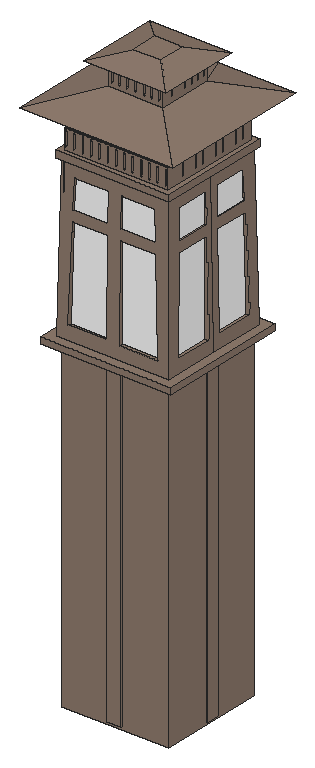
Revit family "BL0761", category Generic Models, Revit 2014
Parameters
  TOP CAP = Bronze, Architectural
  LENS = Acrylic
  LANTERN = Bronze, Architectural
  BODY = Bronze, Architectural
Reference planes (in)
  plane 1 "Center (Front/Back)": y = 0
  plane 2: z = 0
  plane 3 "Center (Left/Right)": x = 0
Forms (in)
  Extrusion 1, solid, material "Bronze, Architectural" <- "BODY"
    sketch origin (0, 0, 0) x (1, 0, 0) y (0, 0, 1)
      loop
        line (4, 24.51151) -> (-4, 24.51151) -> (-4, 0) -> (4, 0) -> (4, 24.51151)
    from -4 to 4
  Extrusion 2, solid, material "Bronze, Architectural" <- "BODY"
    sketch origin (0, 0, 0) x (1, 0, 0) y (0, 0, 1)
      loop
        line (4, 0.24571) -> (4.125, 0.24571) -> (4.125, 24.51151) -> (4, 24.51151) -> (4, 0.24571)
      loop
        line (-4, 24.51151) -> (-4.125, 24.51151) -> (-4.125, 0.24571) -> (-4, 0.24571) -> (-4, 24.51151)
    from -0.5 to 0.5
  Extrusion 3, solid, material "Bronze, Architectural" <- "BODY"
    sketch origin (0, 0, 0) x (0, -1, 0) y (0, 0, 1)
      loop
        line (4, 0.24571) -> (4.125, 0.24571) -> (4.125, 24.51151) -> (4, 24.51151) -> (4, 0.24571)
      loop
        line (-4, 24.51151) -> (-4.125, 24.51151) -> (-4.125, 0.24571) -> (-4, 0.24571) -> (-4, 24.51151)
    from -0.5 to 0.5
  Extrusion 4, solid, material "Bronze, Architectural" <- "LANTERN"
    sketch origin (0, 0, 0) x (1, 0, 0) y (0, 0, 1)
      loop
        line (4.87001, 25.01151) -> (-4.87101, 25.01151) -> (-4.87101, 24.51151) -> (4.87001, 24.51151) -> (4.87001, 25.01151)
    from -4.875 to 4.875
  SweptBlend 5, solid, material "Bronze, Architectural" <- "LANTERN"
    path origin (0, 0, 0) x (1, 0, 0) y (0, 0, 1)
      loop
        line (0, 37.01151) -> (0, 25.01151)
    profile origin (0, 0, 37.01151) x (0, -1, 0) y (1, 0, 0)
      loop
        line (0, 4) -> (-4, 4) -> (-4, -4) -> (4, -4) -> (4, 4) -> (0, 4)
    end profile origin (0, 0, 25.01151) x (0, -1, 0) y (1, 0, 0)
      loop
        line (0, 4.21875) -> (-4.21875, 4.21875) -> (-4.21875, -4.21875) -> (4.21875, -4.21875) -> (4.21875, 4.21875) -> (0, 4.21875)
  Extrusion 6, solid, material "Bronze, Architectural" <- "LANTERN"
    sketch origin (0, 0, 0) x (1, 0, 0) y (0, 0, 1)
      loop
        line (4.25, 37.01151) -> (4.25, 37.51151) -> (-4.25, 37.51151) -> (-4.25, 37.01151) -> (4.25, 37.01151)
    from -4.25 to 4.25
  Extrusion 7, solid, material "Bronze, Architectural" <- "TOP CAP"
    sketch origin (0, 0, 0) x (1, 0, 0) y (0, 0, 1)
      loop
        line (3.875, 37.51151) -> (3.875, 39.01151) -> (-3.875, 39.01151) -> (-3.875, 37.51151) -> (3.875, 37.51151)
    from -3.875 to 3.875
  Extrusion 8, solid, material "Bronze, Architectural" <- "TOP CAP"
    sketch origin (0, 0, 0) x (1, 0, 0) y (0, 0, 1)
      loop
        line (3.825, 39.01151) -> (3.825, 40.51151) -> (-3.825, 40.51151) -> (-3.825, 39.01151) -> (3.825, 39.01151)
    from -3.8125 to 3.8125
  Extrusion 9, solid, material "Bronze, Architectural" <- "TOP CAP"
    sketch origin (0, 0, 0) x (1, 0, 0) y (0, 0, 1)
      loop
        line (2.04406, 41.62825) -> (2.04406, 43.45456) -> (-2.04406, 43.45456) -> (-2.04406, 41.62825) -> (2.04406, 41.62825)
    from -2.04688 to 2.04687
  SweptBlend 10, solid, material "Bronze, Architectural" <- "TOP CAP"
    path origin (0, 0, 0) x (1, 0, 0) y (0, 0, 1)
      loop
        line (0, 40.51151) -> (0, 41.62825)
    profile origin (0, 0, 40.51151) x (-1, 0, 0) y (0, -1, 0)
      loop
        line (0, -5.75) -> (5.75, -5.75) -> (5.75, 5.75) -> (-5.75, 5.75) -> (-5.75, -5.75) -> (0, -5.75)
    end profile origin (0, 0, 41.62825) x (-1, 0, 0) y (0, -1, 0)
      loop
        line (2.04406, 2.04687) -> (-2.04406, 2.04687) -> (-2.04406, -2.04688) -> (2.04406, -2.04688) -> (2.04406, 2.04687)
  SweptBlend 11, solid, material "Bronze, Architectural" <- "TOP CAP"
    path origin (0, 0, 0) x (1, 0, 0) y (0, 0, 1)
      loop
        line (0, 44.02483) -> (0, 43.45456)
    profile origin (0, 0, 44.02483) x (0, -1, 0) y (1, 0, 0)
      loop
        line (-1.04688, 1.04688) -> (-1.04687, -1.04773) -> (1.04688, -1.04773) -> (1.04688, 1.04688) -> (-1.04688, 1.04688)
    end profile origin (0, 0, 43.45456) x (0, -1, 0) y (1, 0, 0)
      loop
        line (3.08532, 3.08532) -> (-3.08532, 3.08532) -> (-3.08532, -3.08532) -> (3.08532, -3.08532) -> (3.08532, 3.08532)
  Extrusion 12, void
    sketch origin (0, 0, 0) x (1, 0, 0) y (0, 0, 1)
      loop
        line (3.00156, 36.01151) -> (0.5, 36.01151) -> (0.5, 33.77947) -> (3.11295, 33.77947) -> (3.00156, 36.01151)
      loop
        line (-0.5, 33.77947) -> (-0.5, 36.01151) -> (-3.00156, 36.01151) -> (-3.11295, 33.77947) -> (-0.5, 33.77947)
      loop
        line (-0.5, 33.02947) -> (-3.14096, 33.02947) -> (-3.37509, 26.01151) -> (-0.5, 26.01151) -> (-0.5, 33.02947)
      loop
        line (0.5, 33.02947) -> (0.5, 26.01151) -> (3.37509, 26.01151) -> (3.14096, 33.02947) -> (0.5, 33.02947)
    from 3.8125 to 4.875
  Extrusion 13, void
    sketch origin (0, 0, 0) x (1, 0, 0) y (0, 0, 1)
      loop
        line (3.875, 25.01151) -> (3.875, 37.01151) -> (-3.875, 37.01151) -> (-3.875, 25.01151) -> (3.875, 25.01151)
    from -3.875 to 4
  Extrusion 14, void
    sketch origin (0, 0, 0) x (0, -1, 0) y (0, 0, 1)
      loop
        line (3.00156, 36.01151) -> (0.5, 36.01151) -> (0.5, 33.77947) -> (3.11295, 33.77947) -> (3.00156, 36.01151)
      loop
        line (-0.5, 33.77947) -> (-0.5, 36.01151) -> (-3.00156, 36.01151) -> (-3.11295, 33.77947) -> (-0.5, 33.77947)
      loop
        line (-0.5, 33.02947) -> (-3.14096, 33.02947) -> (-3.37509, 26.01151) -> (-0.5, 26.01151) -> (-0.5, 33.02947)
      loop
        line (0.5, 33.02947) -> (0.5, 26.01151) -> (3.37509, 26.01151) -> (3.14096, 33.02947) -> (0.5, 33.02947)
    from 3.8125 to 4.875
  Extrusion 15, void
    sketch origin (0, 0, 0) x (-1, 0, 0) y (0, 0, 1)
      loop
        line (3.00156, 36.01151) -> (0.5, 36.01151) -> (0.5, 33.77947) -> (3.11295, 33.77947) -> (3.00156, 36.01151)
      loop
        line (-0.5, 33.77947) -> (-0.5, 36.01151) -> (-3.00156, 36.01151) -> (-3.11295, 33.77947) -> (-0.5, 33.77947)
      loop
        line (-0.5, 33.02947) -> (-3.14096, 33.02947) -> (-3.37509, 26.01151) -> (-0.5, 26.01151) -> (-0.5, 33.02947)
      loop
        line (0.5, 33.02947) -> (0.5, 26.01151) -> (3.37509, 26.01151) -> (3.14096, 33.02947) -> (0.5, 33.02947)
    from 3.8125 to 4.875
  Extrusion 16, void
    sketch origin (0, 0, 0) x (0, 1, 0) y (0, 0, 1)
      loop
        line (3.00156, 36.01151) -> (0.5, 36.01151) -> (0.5, 33.77947) -> (3.11295, 33.77947) -> (3.00156, 36.01151)
      loop
        line (-0.5, 33.77947) -> (-0.5, 36.01151) -> (-3.00156, 36.01151) -> (-3.11295, 33.77947) -> (-0.5, 33.77947)
      loop
        line (-0.5, 33.02947) -> (-3.14096, 33.02947) -> (-3.37509, 26.01151) -> (-0.5, 26.01151) -> (-0.5, 33.02947)
      loop
        line (0.5, 33.02947) -> (0.5, 26.01151) -> (3.37509, 26.01151) -> (3.14096, 33.02947) -> (0.5, 33.02947)
    from 3.8125 to 4.875
  Extrusion 17, void
    sketch origin (0, 0, 0) x (1, 0, 0) y (0, 0, 1)
      loop
        arc (0.07031, 38.79958) -> (-0.00028, 38.86953) -> (-0.07031, 38.79902) r 0.07031
        line (-0.07031, 38.79902) -> (-0.07031, 37.81484)
        arc (-0.07031, 37.81484) -> (0, 37.74453) -> (0.07031, 37.81484) r 0.07031
        line (0.07031, 37.81484) -> (0.07031, 38.79958)
      loop
        arc (0.69531, 38.79958) -> (0.62472, 38.86953) -> (0.55469, 38.79902) r 0.07031
        line (0.55469, 38.79902) -> (0.55469, 37.81484)
        arc (0.55469, 37.81484) -> (0.625, 37.74453) -> (0.69531, 37.81484) r 0.07031
        line (0.69531, 37.81484) -> (0.69531, 38.79958)
      loop
        arc (1.32031, 38.79958) -> (1.24972, 38.86953) -> (1.17969, 38.79902) r 0.07031
        line (1.17969, 38.79902) -> (1.17969, 37.81484)
        arc (1.17969, 37.81484) -> (1.25, 37.74453) -> (1.32031, 37.81484) r 0.07031
        line (1.32031, 37.81484) -> (1.32031, 38.79958)
      loop
        arc (1.94531, 38.79958) -> (1.87472, 38.86953) -> (1.80469, 38.79902) r 0.07031
        line (1.80469, 38.79902) -> (1.80469, 37.81484)
        arc (1.80469, 37.81484) -> (1.875, 37.74453) -> (1.94531, 37.81484) r 0.07031
        line (1.94531, 37.81484) -> (1.94531, 38.79958)
      loop
        arc (2.57031, 38.79958) -> (2.49972, 38.86953) -> (2.42969, 38.79902) r 0.07031
        line (2.42969, 38.79902) -> (2.42969, 37.81484)
        arc (2.42969, 37.81484) -> (2.5, 37.74453) -> (2.57031, 37.81484) r 0.07031
        line (2.57031, 37.81484) -> (2.57031, 38.79958)
      loop
        arc (3.19531, 38.79958) -> (3.12472, 38.86953) -> (3.05469, 38.79902) r 0.07031
        line (3.05469, 38.79902) -> (3.05469, 37.81484)
        arc (3.05469, 37.81484) -> (3.125, 37.74453) -> (3.19531, 37.81484) r 0.07031
        line (3.19531, 37.81484) -> (3.19531, 38.79958)
      loop
        arc (3.82031, 38.79958) -> (3.74972, 38.86953) -> (3.67969, 38.79902) r 0.07031
        line (3.67969, 38.79902) -> (3.67969, 37.81484)
        arc (3.67969, 37.81484) -> (3.75, 37.74453) -> (3.82031, 37.81484) r 0.07031
        line (3.82031, 37.81484) -> (3.82031, 38.79958)
      loop
        arc (-0.55469, 38.79958) -> (-0.62528, 38.86953) -> (-0.69531, 38.79902) r 0.07031
        line (-0.69531, 38.79902) -> (-0.69531, 37.81484)
        arc (-0.69531, 37.81484) -> (-0.625, 37.74453) -> (-0.55469, 37.81484) r 0.07031
        line (-0.55469, 37.81484) -> (-0.55469, 38.79958)
      loop
        arc (-1.17969, 38.79958) -> (-1.25028, 38.86953) -> (-1.32031, 38.79902) r 0.07031
        line (-1.32031, 38.79902) -> (-1.32031, 37.81484)
        arc (-1.32031, 37.81484) -> (-1.25, 37.74453) -> (-1.17969, 37.81484) r 0.07031
        line (-1.17969, 37.81484) -> (-1.17969, 38.79958)
      loop
        arc (-1.80469, 38.79958) -> (-1.87528, 38.86953) -> (-1.94531, 38.79902) r 0.07031
        line (-1.94531, 38.79902) -> (-1.94531, 37.81484)
        arc (-1.94531, 37.81484) -> (-1.875, 37.74453) -> (-1.80469, 37.81484) r 0.07031
        line (-1.80469, 37.81484) -> (-1.80469, 38.79958)
      loop
        arc (-2.42969, 38.79958) -> (-2.50028, 38.86953) -> (-2.57031, 38.79902) r 0.07031
        line (-2.57031, 38.79902) -> (-2.57031, 37.81484)
        arc (-2.57031, 37.81484) -> (-2.5, 37.74453) -> (-2.42969, 37.81484) r 0.07031
        line (-2.42969, 37.81484) -> (-2.42969, 38.79958)
      loop
        arc (-3.05469, 38.79958) -> (-3.12528, 38.86953) -> (-3.19531, 38.79902) r 0.07031
        line (-3.19531, 38.79902) -> (-3.19531, 37.81484)
        arc (-3.19531, 37.81484) -> (-3.125, 37.74453) -> (-3.05469, 37.81484) r 0.07031
        line (-3.05469, 37.81484) -> (-3.05469, 38.79958)
      loop
        arc (-3.67969, 38.79958) -> (-3.75028, 38.86953) -> (-3.82031, 38.79902) r 0.07031
        line (-3.82031, 38.79902) -> (-3.82031, 37.81484)
        arc (-3.82031, 37.81484) -> (-3.75, 37.74453) -> (-3.67969, 37.81484) r 0.07031
        line (-3.67969, 37.81484) -> (-3.67969, 38.79958)
    from 3.8125 to 4.25
  Extrusion 18, void
    sketch origin (0, 0, 0) x (0, -1, 0) y (0, 0, 1)
      loop
        arc (0.07031, 38.79958) -> (-0.00028, 38.86953) -> (-0.07031, 38.79902) r 0.07031
        line (-0.07031, 38.79902) -> (-0.07031, 37.81484)
        arc (-0.07031, 37.81484) -> (0, 37.74453) -> (0.07031, 37.81484) r 0.07031
        line (0.07031, 37.81484) -> (0.07031, 38.79958)
      loop
        arc (0.69531, 38.79958) -> (0.62472, 38.86953) -> (0.55469, 38.79902) r 0.07031
        line (0.55469, 38.79902) -> (0.55469, 37.81484)
        arc (0.55469, 37.81484) -> (0.625, 37.74453) -> (0.69531, 37.81484) r 0.07031
        line (0.69531, 37.81484) -> (0.69531, 38.79958)
      loop
        arc (1.32031, 38.79958) -> (1.24972, 38.86953) -> (1.17969, 38.79902) r 0.07031
        line (1.17969, 38.79902) -> (1.17969, 37.81484)
        arc (1.17969, 37.81484) -> (1.25, 37.74453) -> (1.32031, 37.81484) r 0.07031
        line (1.32031, 37.81484) -> (1.32031, 38.79958)
      loop
        arc (1.94531, 38.79958) -> (1.87472, 38.86953) -> (1.80469, 38.79902) r 0.07031
        line (1.80469, 38.79902) -> (1.80469, 37.81484)
        arc (1.80469, 37.81484) -> (1.875, 37.74453) -> (1.94531, 37.81484) r 0.07031
        line (1.94531, 37.81484) -> (1.94531, 38.79958)
      loop
        arc (2.57031, 38.79958) -> (2.49972, 38.86953) -> (2.42969, 38.79902) r 0.07031
        line (2.42969, 38.79902) -> (2.42969, 37.81484)
        arc (2.42969, 37.81484) -> (2.5, 37.74453) -> (2.57031, 37.81484) r 0.07031
        line (2.57031, 37.81484) -> (2.57031, 38.79958)
      loop
        arc (3.19531, 38.79958) -> (3.12472, 38.86953) -> (3.05469, 38.79902) r 0.07031
        line (3.05469, 38.79902) -> (3.05469, 37.81484)
        arc (3.05469, 37.81484) -> (3.125, 37.74453) -> (3.19531, 37.81484) r 0.07031
        line (3.19531, 37.81484) -> (3.19531, 38.79958)
      loop
        arc (3.82031, 38.79958) -> (3.74972, 38.86953) -> (3.67969, 38.79902) r 0.07031
        line (3.67969, 38.79902) -> (3.67969, 37.81484)
        arc (3.67969, 37.81484) -> (3.75, 37.74453) -> (3.82031, 37.81484) r 0.07031
        line (3.82031, 37.81484) -> (3.82031, 38.79958)
      loop
        arc (-0.55469, 38.79958) -> (-0.62528, 38.86953) -> (-0.69531, 38.79902) r 0.07031
        line (-0.69531, 38.79902) -> (-0.69531, 37.81484)
        arc (-0.69531, 37.81484) -> (-0.625, 37.74453) -> (-0.55469, 37.81484) r 0.07031
        line (-0.55469, 37.81484) -> (-0.55469, 38.79958)
      loop
        arc (-1.17969, 38.79958) -> (-1.25028, 38.86953) -> (-1.32031, 38.79902) r 0.07031
        line (-1.32031, 38.79902) -> (-1.32031, 37.81484)
        arc (-1.32031, 37.81484) -> (-1.25, 37.74453) -> (-1.17969, 37.81484) r 0.07031
        line (-1.17969, 37.81484) -> (-1.17969, 38.79958)
      loop
        arc (-1.80469, 38.79958) -> (-1.87528, 38.86953) -> (-1.94531, 38.79902) r 0.07031
        line (-1.94531, 38.79902) -> (-1.94531, 37.81484)
        arc (-1.94531, 37.81484) -> (-1.875, 37.74453) -> (-1.80469, 37.81484) r 0.07031
        line (-1.80469, 37.81484) -> (-1.80469, 38.79958)
      loop
        arc (-2.42969, 38.79958) -> (-2.50028, 38.86953) -> (-2.57031, 38.79902) r 0.07031
        line (-2.57031, 38.79902) -> (-2.57031, 37.81484)
        arc (-2.57031, 37.81484) -> (-2.5, 37.74453) -> (-2.42969, 37.81484) r 0.07031
        line (-2.42969, 37.81484) -> (-2.42969, 38.79958)
      loop
        arc (-3.05469, 38.79958) -> (-3.12528, 38.86953) -> (-3.19531, 38.79902) r 0.07031
        line (-3.19531, 38.79902) -> (-3.19531, 37.81484)
        arc (-3.19531, 37.81484) -> (-3.125, 37.74453) -> (-3.05469, 37.81484) r 0.07031
        line (-3.05469, 37.81484) -> (-3.05469, 38.79958)
      loop
        arc (-3.67969, 38.79958) -> (-3.75028, 38.86953) -> (-3.82031, 38.79902) r 0.07031
        line (-3.82031, 38.79902) -> (-3.82031, 37.81484)
        arc (-3.82031, 37.81484) -> (-3.75, 37.74453) -> (-3.67969, 37.81484) r 0.07031
        line (-3.67969, 37.81484) -> (-3.67969, 38.79958)
    from 3.8125 to 4.25
  Extrusion 19, void
    sketch origin (0, 0, 0) x (-1, 0, 0) y (0, 0, 1)
      loop
        arc (0.07031, 38.79958) -> (-0.00028, 38.86953) -> (-0.07031, 38.79902) r 0.07031
        line (-0.07031, 38.79902) -> (-0.07031, 37.81484)
        arc (-0.07031, 37.81484) -> (0, 37.74453) -> (0.07031, 37.81484) r 0.07031
        line (0.07031, 37.81484) -> (0.07031, 38.79958)
      loop
        arc (0.69531, 38.79958) -> (0.62472, 38.86953) -> (0.55469, 38.79902) r 0.07031
        line (0.55469, 38.79902) -> (0.55469, 37.81484)
        arc (0.55469, 37.81484) -> (0.625, 37.74453) -> (0.69531, 37.81484) r 0.07031
        line (0.69531, 37.81484) -> (0.69531, 38.79958)
      loop
        arc (1.32031, 38.79958) -> (1.24972, 38.86953) -> (1.17969, 38.79902) r 0.07031
        line (1.17969, 38.79902) -> (1.17969, 37.81484)
        arc (1.17969, 37.81484) -> (1.25, 37.74453) -> (1.32031, 37.81484) r 0.07031
        line (1.32031, 37.81484) -> (1.32031, 38.79958)
      loop
        arc (1.94531, 38.79958) -> (1.87472, 38.86953) -> (1.80469, 38.79902) r 0.07031
        line (1.80469, 38.79902) -> (1.80469, 37.81484)
        arc (1.80469, 37.81484) -> (1.875, 37.74453) -> (1.94531, 37.81484) r 0.07031
        line (1.94531, 37.81484) -> (1.94531, 38.79958)
      loop
        arc (2.57031, 38.79958) -> (2.49972, 38.86953) -> (2.42969, 38.79902) r 0.07031
        line (2.42969, 38.79902) -> (2.42969, 37.81484)
        arc (2.42969, 37.81484) -> (2.5, 37.74453) -> (2.57031, 37.81484) r 0.07031
        line (2.57031, 37.81484) -> (2.57031, 38.79958)
      loop
        arc (3.19531, 38.79958) -> (3.12472, 38.86953) -> (3.05469, 38.79902) r 0.07031
        line (3.05469, 38.79902) -> (3.05469, 37.81484)
        arc (3.05469, 37.81484) -> (3.125, 37.74453) -> (3.19531, 37.81484) r 0.07031
        line (3.19531, 37.81484) -> (3.19531, 38.79958)
      loop
        arc (3.82031, 38.79958) -> (3.74972, 38.86953) -> (3.67969, 38.79902) r 0.07031
        line (3.67969, 38.79902) -> (3.67969, 37.81484)
        arc (3.67969, 37.81484) -> (3.75, 37.74453) -> (3.82031, 37.81484) r 0.07031
        line (3.82031, 37.81484) -> (3.82031, 38.79958)
      loop
        arc (-0.55469, 38.79958) -> (-0.62528, 38.86953) -> (-0.69531, 38.79902) r 0.07031
        line (-0.69531, 38.79902) -> (-0.69531, 37.81484)
        arc (-0.69531, 37.81484) -> (-0.625, 37.74453) -> (-0.55469, 37.81484) r 0.07031
        line (-0.55469, 37.81484) -> (-0.55469, 38.79958)
      loop
        arc (-1.17969, 38.79958) -> (-1.25028, 38.86953) -> (-1.32031, 38.79902) r 0.07031
        line (-1.32031, 38.79902) -> (-1.32031, 37.81484)
        arc (-1.32031, 37.81484) -> (-1.25, 37.74453) -> (-1.17969, 37.81484) r 0.07031
        line (-1.17969, 37.81484) -> (-1.17969, 38.79958)
      loop
        arc (-1.80469, 38.79958) -> (-1.87528, 38.86953) -> (-1.94531, 38.79902) r 0.07031
        line (-1.94531, 38.79902) -> (-1.94531, 37.81484)
        arc (-1.94531, 37.81484) -> (-1.875, 37.74453) -> (-1.80469, 37.81484) r 0.07031
        line (-1.80469, 37.81484) -> (-1.80469, 38.79958)
      loop
        arc (-2.42969, 38.79958) -> (-2.50028, 38.86953) -> (-2.57031, 38.79902) r 0.07031
        line (-2.57031, 38.79902) -> (-2.57031, 37.81484)
        arc (-2.57031, 37.81484) -> (-2.5, 37.74453) -> (-2.42969, 37.81484) r 0.07031
        line (-2.42969, 37.81484) -> (-2.42969, 38.79958)
      loop
        arc (-3.05469, 38.79958) -> (-3.12528, 38.86953) -> (-3.19531, 38.79902) r 0.07031
        line (-3.19531, 38.79902) -> (-3.19531, 37.81484)
        arc (-3.19531, 37.81484) -> (-3.125, 37.74453) -> (-3.05469, 37.81484) r 0.07031
        line (-3.05469, 37.81484) -> (-3.05469, 38.79958)
      loop
        arc (-3.67969, 38.79958) -> (-3.75028, 38.86953) -> (-3.82031, 38.79902) r 0.07031
        line (-3.82031, 38.79902) -> (-3.82031, 37.81484)
        arc (-3.82031, 37.81484) -> (-3.75, 37.74453) -> (-3.67969, 37.81484) r 0.07031
        line (-3.67969, 37.81484) -> (-3.67969, 38.79958)
    from 3.8125 to 4.25
  Extrusion 20, void
    sketch origin (0, 0, 0) x (0, 1, 0) y (0, 0, 1)
      loop
        arc (0.07031, 38.79958) -> (-0.00028, 38.86953) -> (-0.07031, 38.79902) r 0.07031
        line (-0.07031, 38.79902) -> (-0.07031, 37.81484)
        arc (-0.07031, 37.81484) -> (0, 37.74453) -> (0.07031, 37.81484) r 0.07031
        line (0.07031, 37.81484) -> (0.07031, 38.79958)
      loop
        arc (0.69531, 38.79958) -> (0.62472, 38.86953) -> (0.55469, 38.79902) r 0.07031
        line (0.55469, 38.79902) -> (0.55469, 37.81484)
        arc (0.55469, 37.81484) -> (0.625, 37.74453) -> (0.69531, 37.81484) r 0.07031
        line (0.69531, 37.81484) -> (0.69531, 38.79958)
      loop
        arc (1.32031, 38.79958) -> (1.24972, 38.86953) -> (1.17969, 38.79902) r 0.07031
        line (1.17969, 38.79902) -> (1.17969, 37.81484)
        arc (1.17969, 37.81484) -> (1.25, 37.74453) -> (1.32031, 37.81484) r 0.07031
        line (1.32031, 37.81484) -> (1.32031, 38.79958)
      loop
        arc (1.94531, 38.79958) -> (1.87472, 38.86953) -> (1.80469, 38.79902) r 0.07031
        line (1.80469, 38.79902) -> (1.80469, 37.81484)
        arc (1.80469, 37.81484) -> (1.875, 37.74453) -> (1.94531, 37.81484) r 0.07031
        line (1.94531, 37.81484) -> (1.94531, 38.79958)
      loop
        arc (2.57031, 38.79958) -> (2.49972, 38.86953) -> (2.42969, 38.79902) r 0.07031
        line (2.42969, 38.79902) -> (2.42969, 37.81484)
        arc (2.42969, 37.81484) -> (2.5, 37.74453) -> (2.57031, 37.81484) r 0.07031
        line (2.57031, 37.81484) -> (2.57031, 38.79958)
      loop
        arc (3.19531, 38.79958) -> (3.12472, 38.86953) -> (3.05469, 38.79902) r 0.07031
        line (3.05469, 38.79902) -> (3.05469, 37.81484)
        arc (3.05469, 37.81484) -> (3.125, 37.74453) -> (3.19531, 37.81484) r 0.07031
        line (3.19531, 37.81484) -> (3.19531, 38.79958)
      loop
        arc (3.82031, 38.79958) -> (3.74972, 38.86953) -> (3.67969, 38.79902) r 0.07031
        line (3.67969, 38.79902) -> (3.67969, 37.81484)
        arc (3.67969, 37.81484) -> (3.75, 37.74453) -> (3.82031, 37.81484) r 0.07031
        line (3.82031, 37.81484) -> (3.82031, 38.79958)
      loop
        arc (-0.55469, 38.79958) -> (-0.62528, 38.86953) -> (-0.69531, 38.79902) r 0.07031
        line (-0.69531, 38.79902) -> (-0.69531, 37.81484)
        arc (-0.69531, 37.81484) -> (-0.625, 37.74453) -> (-0.55469, 37.81484) r 0.07031
        line (-0.55469, 37.81484) -> (-0.55469, 38.79958)
      loop
        arc (-1.17969, 38.79958) -> (-1.25028, 38.86953) -> (-1.32031, 38.79902) r 0.07031
        line (-1.32031, 38.79902) -> (-1.32031, 37.81484)
        arc (-1.32031, 37.81484) -> (-1.25, 37.74453) -> (-1.17969, 37.81484) r 0.07031
        line (-1.17969, 37.81484) -> (-1.17969, 38.79958)
      loop
        arc (-1.80469, 38.79958) -> (-1.87528, 38.86953) -> (-1.94531, 38.79902) r 0.07031
        line (-1.94531, 38.79902) -> (-1.94531, 37.81484)
        arc (-1.94531, 37.81484) -> (-1.875, 37.74453) -> (-1.80469, 37.81484) r 0.07031
        line (-1.80469, 37.81484) -> (-1.80469, 38.79958)
      loop
        arc (-2.42969, 38.79958) -> (-2.50028, 38.86953) -> (-2.57031, 38.79902) r 0.07031
        line (-2.57031, 38.79902) -> (-2.57031, 37.81484)
        arc (-2.57031, 37.81484) -> (-2.5, 37.74453) -> (-2.42969, 37.81484) r 0.07031
        line (-2.42969, 37.81484) -> (-2.42969, 38.79958)
      loop
        arc (-3.05469, 38.79958) -> (-3.12528, 38.86953) -> (-3.19531, 38.79902) r 0.07031
        line (-3.19531, 38.79902) -> (-3.19531, 37.81484)
        arc (-3.19531, 37.81484) -> (-3.125, 37.74453) -> (-3.05469, 37.81484) r 0.07031
        line (-3.05469, 37.81484) -> (-3.05469, 38.79958)
      loop
        arc (-3.67969, 38.79958) -> (-3.75028, 38.86953) -> (-3.82031, 38.79902) r 0.07031
        line (-3.82031, 38.79902) -> (-3.82031, 37.81484)
        arc (-3.82031, 37.81484) -> (-3.75, 37.74453) -> (-3.67969, 37.81484) r 0.07031
        line (-3.67969, 37.81484) -> (-3.67969, 38.79958)
    from 3.8125 to 4.25
  Extrusion 21, void
    sketch origin (0, 0, 0) x (1, 0, 0) y (0, 0, 1)
      loop
        arc (0.07031, 43.01598) -> (0, 43.08629) -> (-0.07031, 43.01598) r 0.07031
        line (-0.07031, 43.01598) -> (-0.07031, 42.03161)
        arc (-0.07031, 42.03161) -> (0, 41.96129) -> (0.07031, 42.03161) r 0.07031
        line (0.07031, 42.03161) -> (0.07031, 43.01598)
      loop
        arc (0.72034, 43.01598) -> (0.65002, 43.08629) -> (0.57971, 43.01598) r 0.07031
        line (0.57971, 43.01598) -> (0.57971, 42.03161)
        arc (0.57971, 42.03161) -> (0.65002, 41.96129) -> (0.72034, 42.03161) r 0.07031
        line (0.72034, 42.03161) -> (0.72034, 43.01598)
      loop
        arc (1.2863, 43.01598) -> (1.21599, 43.08629) -> (1.14567, 43.01598) r 0.07031
        line (1.14567, 43.01598) -> (1.14567, 42.03161)
        arc (1.14567, 42.03161) -> (1.21599, 41.96129) -> (1.2863, 42.03161) r 0.07031
        line (1.2863, 42.03161) -> (1.2863, 43.01598)
      loop
        arc (1.82704, 43.01598) -> (1.75673, 43.08629) -> (1.68642, 43.01598) r 0.07031
        line (1.68642, 43.01598) -> (1.68642, 42.03161)
        arc (1.68642, 42.03161) -> (1.75673, 41.96129) -> (1.82704, 42.03161) r 0.07031
        line (1.82704, 42.03161) -> (1.82704, 43.01598)
      loop
        arc (-0.57971, 43.01598) -> (-0.65003, 43.08629) -> (-0.72034, 43.01598) r 0.07031
        line (-0.72034, 43.01598) -> (-0.72034, 42.03161)
        arc (-0.72034, 42.03161) -> (-0.65003, 41.96129) -> (-0.57971, 42.03161) r 0.07031
        line (-0.57971, 42.03161) -> (-0.57971, 43.01598)
      loop
        arc (-1.14568, 43.01598) -> (-1.21599, 43.08629) -> (-1.2863, 43.01598) r 0.07031
        line (-1.2863, 43.01598) -> (-1.2863, 42.03161)
        arc (-1.2863, 42.03161) -> (-1.21599, 41.96129) -> (-1.14568, 42.03161) r 0.07031
        line (-1.14568, 42.03161) -> (-1.14568, 43.01598)
      loop
        arc (-1.68642, 43.01598) -> (-1.75673, 43.08629) -> (-1.82704, 43.01598) r 0.07031
        line (-1.82704, 43.01598) -> (-1.82704, 42.03161)
        arc (-1.82704, 42.03161) -> (-1.75673, 41.96129) -> (-1.68642, 42.03161) r 0.07031
        line (-1.68642, 42.03161) -> (-1.68642, 43.01598)
    from 1.88281 to 2.10937
  Extrusion 22, void
    sketch origin (0, 0, 0) x (-0.000002, -1, 0) y (0, 0, 1)
      loop
        arc (0.07031, 43.01598) -> (0, 43.08629) -> (-0.07031, 43.01598) r 0.07031
        line (-0.07031, 43.01598) -> (-0.07031, 42.03161)
        arc (-0.07031, 42.03161) -> (0, 41.96129) -> (0.07031, 42.03161) r 0.07031
        line (0.07031, 42.03161) -> (0.07031, 43.01598)
      loop
        arc (0.72034, 43.01598) -> (0.65002, 43.08629) -> (0.57971, 43.01598) r 0.07031
        line (0.57971, 43.01598) -> (0.57971, 42.03161)
        arc (0.57971, 42.03161) -> (0.65002, 41.96129) -> (0.72034, 42.03161) r 0.07031
        line (0.72034, 42.03161) -> (0.72034, 43.01598)
      loop
        arc (1.2863, 43.01598) -> (1.21599, 43.08629) -> (1.14567, 43.01598) r 0.07031
        line (1.14567, 43.01598) -> (1.14567, 42.03161)
        arc (1.14567, 42.03161) -> (1.21599, 41.96129) -> (1.2863, 42.03161) r 0.07031
        line (1.2863, 42.03161) -> (1.2863, 43.01598)
      loop
        arc (1.82704, 43.01598) -> (1.75673, 43.08629) -> (1.68642, 43.01598) r 0.07031
        line (1.68642, 43.01598) -> (1.68642, 42.03161)
        arc (1.68642, 42.03161) -> (1.75673, 41.96129) -> (1.82704, 42.03161) r 0.07031
        line (1.82704, 42.03161) -> (1.82704, 43.01598)
      loop
        arc (-0.57971, 43.01598) -> (-0.65003, 43.08629) -> (-0.72034, 43.01598) r 0.07031
        line (-0.72034, 43.01598) -> (-0.72034, 42.03161)
        arc (-0.72034, 42.03161) -> (-0.65003, 41.96129) -> (-0.57971, 42.03161) r 0.07031
        line (-0.57971, 42.03161) -> (-0.57971, 43.01598)
      loop
        arc (-1.14568, 43.01598) -> (-1.21599, 43.08629) -> (-1.2863, 43.01598) r 0.07031
        line (-1.2863, 43.01598) -> (-1.2863, 42.03161)
        arc (-1.2863, 42.03161) -> (-1.21599, 41.96129) -> (-1.14568, 42.03161) r 0.07031
        line (-1.14568, 42.03161) -> (-1.14568, 43.01598)
      loop
        arc (-1.68642, 43.01598) -> (-1.75673, 43.08629) -> (-1.82704, 43.01598) r 0.07031
        line (-1.82704, 43.01598) -> (-1.82704, 42.03161)
        arc (-1.82704, 42.03161) -> (-1.75673, 41.96129) -> (-1.68642, 42.03161) r 0.07031
        line (-1.68642, 42.03161) -> (-1.68642, 43.01598)
    from 1.88281 to 2.10937
  Extrusion 23, void
    sketch origin (0, 0, 0) x (-0.000002, 1, 0) y (0, 0, 1)
      loop
        arc (0.07031, 43.01598) -> (0, 43.08629) -> (-0.07031, 43.01598) r 0.07031
        line (-0.07031, 43.01598) -> (-0.07031, 42.03161)
        arc (-0.07031, 42.03161) -> (0, 41.96129) -> (0.07031, 42.03161) r 0.07031
        line (0.07031, 42.03161) -> (0.07031, 43.01598)
      loop
        arc (0.72034, 43.01598) -> (0.65002, 43.08629) -> (0.57971, 43.01598) r 0.07031
        line (0.57971, 43.01598) -> (0.57971, 42.03161)
        arc (0.57971, 42.03161) -> (0.65002, 41.96129) -> (0.72034, 42.03161) r 0.07031
        line (0.72034, 42.03161) -> (0.72034, 43.01598)
      loop
        arc (1.2863, 43.01598) -> (1.21599, 43.08629) -> (1.14567, 43.01598) r 0.07031
        line (1.14567, 43.01598) -> (1.14567, 42.03161)
        arc (1.14567, 42.03161) -> (1.21599, 41.96129) -> (1.2863, 42.03161) r 0.07031
        line (1.2863, 42.03161) -> (1.2863, 43.01598)
      loop
        arc (1.82704, 43.01598) -> (1.75673, 43.08629) -> (1.68642, 43.01598) r 0.07031
        line (1.68642, 43.01598) -> (1.68642, 42.03161)
        arc (1.68642, 42.03161) -> (1.75673, 41.96129) -> (1.82704, 42.03161) r 0.07031
        line (1.82704, 42.03161) -> (1.82704, 43.01598)
      loop
        arc (-0.57971, 43.01598) -> (-0.65003, 43.08629) -> (-0.72034, 43.01598) r 0.07031
        line (-0.72034, 43.01598) -> (-0.72034, 42.03161)
        arc (-0.72034, 42.03161) -> (-0.65003, 41.96129) -> (-0.57971, 42.03161) r 0.07031
        line (-0.57971, 42.03161) -> (-0.57971, 43.01598)
      loop
        arc (-1.14568, 43.01598) -> (-1.21599, 43.08629) -> (-1.2863, 43.01598) r 0.07031
        line (-1.2863, 43.01598) -> (-1.2863, 42.03161)
        arc (-1.2863, 42.03161) -> (-1.21599, 41.96129) -> (-1.14568, 42.03161) r 0.07031
        line (-1.14568, 42.03161) -> (-1.14568, 43.01598)
      loop
        arc (-1.68642, 43.01598) -> (-1.75673, 43.08629) -> (-1.82704, 43.01598) r 0.07031
        line (-1.82704, 43.01598) -> (-1.82704, 42.03161)
        arc (-1.82704, 42.03161) -> (-1.75673, 41.96129) -> (-1.68642, 42.03161) r 0.07031
        line (-1.68642, 42.03161) -> (-1.68642, 43.01598)
    from 1.88281 to 2.10937
  Extrusion 24, void
    sketch origin (0, -0.00001, 0) x (-1, 0.000001, 0) y (0, 0, 1)
      loop
        arc (0.07031, 43.01598) -> (0, 43.08629) -> (-0.07031, 43.01598) r 0.07031
        line (-0.07031, 43.01598) -> (-0.07031, 42.03161)
        arc (-0.07031, 42.03161) -> (0, 41.96129) -> (0.07031, 42.03161) r 0.07031
        line (0.07031, 42.03161) -> (0.07031, 43.01598)
      loop
        arc (0.72034, 43.01598) -> (0.65002, 43.08629) -> (0.57971, 43.01598) r 0.07031
        line (0.57971, 43.01598) -> (0.57971, 42.03161)
        arc (0.57971, 42.03161) -> (0.65002, 41.96129) -> (0.72034, 42.03161) r 0.07031
        line (0.72034, 42.03161) -> (0.72034, 43.01598)
      loop
        arc (1.2863, 43.01598) -> (1.21599, 43.08629) -> (1.14567, 43.01598) r 0.07031
        line (1.14567, 43.01598) -> (1.14567, 42.03161)
        arc (1.14567, 42.03161) -> (1.21599, 41.96129) -> (1.2863, 42.03161) r 0.07031
        line (1.2863, 42.03161) -> (1.2863, 43.01598)
      loop
        arc (1.82704, 43.01598) -> (1.75673, 43.08629) -> (1.68642, 43.01598) r 0.07031
        line (1.68642, 43.01598) -> (1.68642, 42.03161)
        arc (1.68642, 42.03161) -> (1.75673, 41.96129) -> (1.82704, 42.03161) r 0.07031
        line (1.82704, 42.03161) -> (1.82704, 43.01598)
      loop
        arc (-0.57971, 43.01598) -> (-0.65003, 43.08629) -> (-0.72034, 43.01598) r 0.07031
        line (-0.72034, 43.01598) -> (-0.72034, 42.03161)
        arc (-0.72034, 42.03161) -> (-0.65003, 41.96129) -> (-0.57971, 42.03161) r 0.07031
        line (-0.57971, 42.03161) -> (-0.57971, 43.01598)
      loop
        arc (-1.14568, 43.01598) -> (-1.21599, 43.08629) -> (-1.2863, 43.01598) r 0.07031
        line (-1.2863, 43.01598) -> (-1.2863, 42.03161)
        arc (-1.2863, 42.03161) -> (-1.21599, 41.96129) -> (-1.14568, 42.03161) r 0.07031
        line (-1.14568, 42.03161) -> (-1.14568, 43.01598)
      loop
        arc (-1.68642, 43.01598) -> (-1.75673, 43.08629) -> (-1.82704, 43.01598) r 0.07031
        line (-1.82704, 43.01598) -> (-1.82704, 42.03161)
        arc (-1.82704, 42.03161) -> (-1.75673, 41.96129) -> (-1.68642, 42.03161) r 0.07031
        line (-1.68642, 42.03161) -> (-1.68642, 43.01598)
    from 1.88281 to 2.10937
  Extrusion 25, solid, material "Acrylic" <- "LENS"
    sketch origin (0, 0, 0) x (1, 0, 0) y (0, 0, 1)
      loop
        line (3.875, 37.01151) -> (-3.875, 37.01151) -> (-3.875, 25.01151) -> (3.875, 25.01151) -> (3.875, 37.01151)
    from -3.875 to 3.875
Cuts and joins
  Extrusion 12, Extrusion 13, Extrusion 14, Extrusion 15, Extrusion 16 cuts SweptBlend 5
  Extrusion 13 cuts Extrusion 4
  Extrusion 13 cuts Extrusion 6
  Extrusion 17, Extrusion 18, Extrusion 19, Extrusion 20 cuts Extrusion 7
  Extrusion 21, Extrusion 22, Extrusion 23, Extrusion 24 cuts Extrusion 9
Dimensions and locks (in)
  aligned and locked: plane 2 to level
